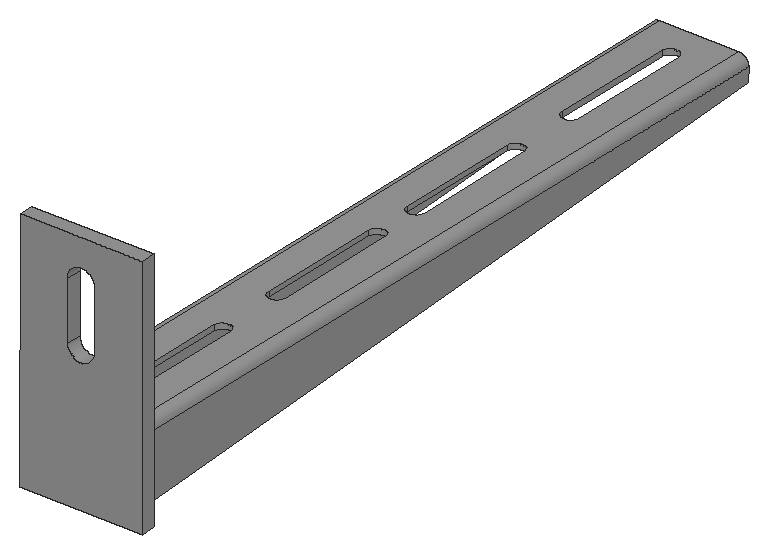
Revit family "Wand- und Stielausleger- FLA 300 G", category Generic Models, Revit 2017
Family settings
  Can host rebar = No
  Round Connector Dimension = Use Diameter
  Part Type = Normal
  Work Plane-Based = No
  Always vertical = Yes
  Cut with Voids When Loaded = No
  Shared = No
  Room Calculation Point = No
Parameters (values of type "FLA 300 G")
  Width = 300 mm
  URL = "http://www.obo-bettermann.com"
  Material = Elektrogalvanised
  Manufacturer Art.No. = "6437885"
  Manufacturer = "OBO BETTERMANN"
  GTIN = "4012196413829"
  Article Type = "FLA 300 G"
Types (3, lengths in mm): name | Material | Manufacturer Art.No. | GTIN | Article Type
  (no name) | Elektrogalvanised | "6437885" | "4012196413829" | "FLA 300 G"
  FLA 300 G | Elektrogalvanised | "6437885" | "4012196413829" | "FLA 300 G"
  FLA 300 FT | Hot dip galvanised | "6437905" | "4012196413881" | "FLA 300 FT"
Reference planes
  plane 1 "Center (Front/Back)": y = 0
  plane 2: z = 0
  plane 3 "Center (Left/Right)": x = 0
  plane 4: y = 6
  plane 5: z = 89
  plane 6: x = 25
  plane 7: z = 35
  plane 8: x = 25
  plane 9: y = 316
  plane 10: y = 304.5
  plane 11: x = 25
  plane 12: y = 225.5
  plane 13: y = 236
  plane 14: y = 167.5
  plane 15: x = 25
  plane 16: y = 154.5
  plane 17: y = 161
  plane 18: y = 154.499
  plane 19: x = 25
  plane 20: y = 75.499
  plane 21: y = 85.999
  plane 22: y = 17.499
  plane 23: x = 25
Forms (mm)
  Extrusion 1, solid, material "Elektrogalvanised" <- "Material"
    sketch origin (0, 0, 0) x (1, 0, 0) y (0, 0, 1)
      loop
        line (0, 0) -> (50, 0) -> (50, 100) -> (0, 100) -> (0, 0)
    from 0 to -6
  Extrusion 2, void
    sketch origin (0, 0, 0) x (1, 0, 0) y (0, 0, 1)
      loop
        arc (19.5, 59.5) -> (25, 54) -> (30.5, 59.5) r 5.5
        line (30.5, 59.5) -> (30.5, 83.401)
        arc (30.5, 83.401) -> (25, 88.901) -> (19.5, 83.401) r 5.5
        line (19.5, 83.401) -> (19.5, 59.5)
    from 0 to -6
  Extrusion 3, solid, material "Elektrogalvanised" <- "Material"
    sketch origin (0, 0, 0) x (1, 0, 0) y (0, 0, 1)
      loop
        arc (9, 35) -> (6.172, 33.828) -> (5, 31) r 4
        line (5, 31) -> (5, 5) -> (7, 5) -> (7, 31)
        arc (7, 31) -> (7.586, 32.414) -> (9, 33) r 2
        line (9, 33) -> (41, 33)
        arc (41, 33) -> (42.414, 32.414) -> (43, 31) r 2
        line (43, 31) -> (43, 5) -> (45, 5) -> (45, 31)
        arc (45, 31) -> (43.828, 33.828) -> (41, 35) r 4
        line (41, 35) -> (9, 35)
    from -6 to -316
  Extrusion 4, void
    sketch origin (0, 0, 0) x (0, 1, 0) y (0, 0, 1)
      loop
        line (316, 25) -> (6, 5) -> (316, 5) -> (316, 25)
    from 5 to 7
  Extrusion 5, void
    sketch origin (0, 0, 0) x (0, 1, 0) y (0, 0, 1)
      loop
        line (316, 25) -> (6, 5) -> (316, 5) -> (316, 25)
    from 43 to 45
  Extrusion 6, void
    sketch origin (0, 0, 0) x (1, 0, 0) y (0, 1, 0)
      loop
        arc (21.5, 250) -> (25, 246.5) -> (28.5, 250) r 3.5
        line (28.5, 250) -> (28.5, 301)
        arc (28.5, 301) -> (25, 304.5) -> (21.5, 301) r 3.5
        line (21.5, 301) -> (21.5, 250)
    from 33 to 35
  Extrusion 7, void
    sketch origin (0, 472, 0) x (1, 0, 0) y (0, 1, 0)
      loop
        line (21.5, -250) -> (21.5, -301)
        arc (21.5, -301) -> (25, -304.5) -> (28.5, -301) r 3.5
        line (28.5, -301) -> (28.5, -250)
        arc (28.5, -250) -> (25, -246.5) -> (21.5, -250) r 3.5
    from 33 to 35
  Extrusion 8, void
    sketch origin (0, -150.001, 0) x (1, 0, 0) y (0, 1, 0)
      loop
        arc (21.5, 250) -> (25, 246.5) -> (28.5, 250) r 3.5
        line (28.5, 250) -> (28.5, 301)
        arc (28.5, 301) -> (25, 304.5) -> (21.5, 301) r 3.5
        line (21.5, 301) -> (21.5, 250)
    from 33 to 35
  Extrusion 9, void
    sketch origin (0, 321.999, 0) x (1, 0, 0) y (0, 1, 0)
      loop
        line (21.5, -250) -> (21.5, -301)
        arc (21.5, -301) -> (25, -304.5) -> (28.5, -301) r 3.5
        line (28.5, -301) -> (28.5, -250)
        arc (28.5, -250) -> (25, -246.5) -> (21.5, -250) r 3.5
    from 33 to 35
Cuts and joins
  Extrusion 2 cuts Extrusion 1
  Extrusion 4, Extrusion 5, Extrusion 6, Extrusion 7, Extrusion 8, Extrusion 9 cuts Extrusion 3
Dimensions and locks
  locked: Extrusion 1 sketch curve to Extrusion 1 sketch curve at 100
  locked: Extrusion 1 sketch curve to Extrusion 1 sketch curve at 50
  locked: plane 1 "Center (Front/Back)" to plane 4 at 6
  locked: Extrusion 1 to plane 5 at 11
  locked: Extrusion 1 to plane 6 at 25
  locked: Extrusion 2 sketch curve to Extrusion 2 sketch curve at 11
  locked: plane 6 to Extrusion 2 sketch curve at 5.5
  locked: plane 5 to Extrusion 2 sketch curve at 35
  locked: Extrusion 1 to Extrusion 2 sketch curve at 11.099
  locked: cut or joined group of Extrusion 1, Extrusion 2 to plane 7 at 65
  locked: cut or joined group of Extrusion 1, Extrusion 2 to plane 8 at 25
  locked: Extrusion 3 sketch curve to Extrusion 3 sketch curve at 40
  locked: Extrusion 3 sketch curve to plane 8 at 20
  locked: Extrusion 3 sketch curve to Extrusion 3 sketch curve at 30
  locked: Extrusion 3 sketch curve to Extrusion 3 sketch curve at 2  (x3)
  locked: Extrusion 3 sketch curve to Extrusion 3 sketch curve at 28
  locked: Extrusion 3 sketch curve to cut or joined group of Extrusion 1, Extrusion 2 at 5
  Extrusion 3 sketch curve to cut or joined group of Extrusion 1, Extrusion 2 = 5 mm
  locked: cut or joined group of Extrusion 3, Extrusion 4, Extrusion 5, Extrusion 6, Extrusion 7, Extrusion 8, Extrusion 9 to plane 10 at 11.5
  locked: cut or joined group of Extrusion 3, Extrusion 4, Extrusion 5, Extrusion 6, Extrusion 7, Extrusion 8, Extrusion 9 to plane 11 at 20
  locked: Extrusion 6 sketch curve to Extrusion 6 sketch curve at 7
  locked: Extrusion 6 sketch curve to plane 11 at 3.5
  locked: plane 10 to Extrusion 6 sketch curve at 58
  locked: cut or joined group of Extrusion 3, Extrusion 4, Extrusion 5, Extrusion 6, Extrusion 7, Extrusion 8, Extrusion 9 to Extrusion 6 sketch curve at 11.5
  locked: cut or joined group of Extrusion 3, Extrusion 4, Extrusion 5, Extrusion 6, Extrusion 7, Extrusion 8, Extrusion 9 to plane 12 at 21
  locked: plane 13 to plane 12 at 10.5
  locked: Extrusion 7 sketch curve to Extrusion 7 sketch curve at 7
  locked: Extrusion 7 sketch curve to plane 15 at 3.5
  locked: plane 14 to Extrusion 7 sketch curve at 58
  locked: cut or joined group of Extrusion 3, Extrusion 4, Extrusion 5, Extrusion 6, Extrusion 7, Extrusion 8, Extrusion 9 to plane 16 at 13
  locked: plane 17 to plane 16 at 6.5
  locked: Extrusion 8 sketch curve to Extrusion 8 sketch curve at 7
  locked: Extrusion 8 sketch curve to plane 19 at 3.5
  locked: plane 18 to Extrusion 8 sketch curve at 58
  locked: cut or joined group of Extrusion 3, Extrusion 4, Extrusion 5, Extrusion 6, Extrusion 7, Extrusion 8, Extrusion 9 to plane 20 at 21
  locked: plane 21 to plane 20 at 10.5
  locked: Extrusion 9 sketch curve to Extrusion 9 sketch curve at 7
  locked: Extrusion 9 sketch curve to plane 23 at 3.5
  locked: plane 22 to Extrusion 9 sketch curve at 58
  aligned and locked: level to plane 2
  aligned and locked: Extrusion 1 to level
  aligned and locked: Extrusion 1 to plane 3 "Center (Left/Right)"
  aligned and locked: plane 1 "Center (Front/Back)" to Extrusion 1
  aligned and locked: Extrusion 1 to Extrusion 2
  aligned and locked: Extrusion 3 to plane 4
  aligned and locked: plane 9 to Extrusion 3
  aligned and locked: Extrusion 3 to cut or joined group of Extrusion 1, Extrusion 2
  aligned and locked: Extrusion 3 to Extrusion 4
  aligned and locked: Extrusion 4 to Extrusion 3
  aligned and locked: Extrusion 3 to Extrusion 5
  aligned and locked: Extrusion 5 to Extrusion 3
  aligned and locked: Extrusion 3 to Extrusion 6  (x2)
  aligned and locked: Extrusion 3 to Extrusion 9  (x2)
  aligned and locked: Extrusion 3 to Extrusion 8
  aligned and locked: Extrusion 3 to Extrusion 7
  aligned and locked: Extrusion 6 to Extrusion 7
  aligned and locked: Extrusion 6 to Extrusion 8
Automatic sketch dimensions
  plane 14 to Extrusion 7 sketch curve = 3.5 mm
  Extrusion 1 sketch curve to level = 0 mm
  Extrusion 1 sketch curve to plane 3 "Center (Left/Right)" = 0 mm
  Extrusion 3 sketch curve to Extrusion 3 sketch curve = 0 mm  (x4)
  Extrusion 3 sketch curve to Extrusion 3 sketch curve = 2 mm  (x2)
  Extrusion 4 sketch curve to plane 4 = 0 mm
  Extrusion 4 sketch curve to plane 9 = 0 mm
  level to Extrusion 4 sketch curve = 5 mm
  Extrusion 4 sketch curve to Extrusion 4 sketch curve = 20 mm
  Extrusion 5 sketch curve to plane 4 = 0 mm
  Extrusion 5 sketch curve to plane 9 = 0 mm
  level to Extrusion 5 sketch curve = 5 mm
  Extrusion 5 sketch curve to Extrusion 5 sketch curve = 20 mm
  Extrusion 8 sketch curve to plane 18 = 3.5 mm
  plane 22 to Extrusion 9 sketch curve = 3.5 mm
